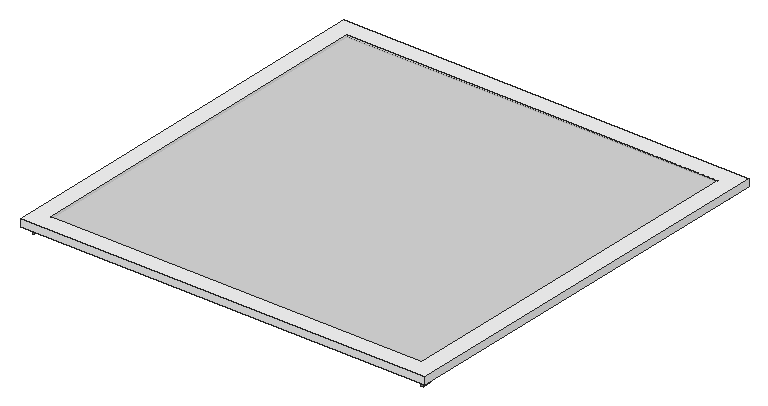
Revit family "0047644 Feilo Sylvania Lighting Fixtures START FLAT HE 600 3000K G2", category Lighting Fixtures, host Face, Revit 2017
Family settings
  Host = Face
  Round Connector Dimension = Use Diameter
  Part Type = Normal
  OmniClass Number = 23.80.70.11.17
  OmniClass Title = Specialized Lighting by Location or Use
  Cut with Voids When Loaded = No
  Light Source = Yes
  Shared = No
  Room Calculation Point = No
Parameters (values of type "0047644 START FLAT HE 600 3000K G2")
  Weight = "12.25 kg"
  Wattage = 36 W
  WarrantyStartDate [instance] = "n/a"
  WarrantyGuarantorParts = "n/a"
  WarrantyDurationUnit = "n/a"
  WarrantyDurationParts = "n/a"
  WarrantyDescription = "n/a"
  built-in parameter 1150110 = 1 (stored number, unit not read)
  Voltage = 230 V
  URL = "http://www.sylvania-lighting.com"
  TypeName = "START FLAT HE 600 3000K G2"
  built-in parameter 1114217 = 1 (stored number, unit not read)
  Tilt Angle = -90.00°
  built-in parameter 1150109 = 1 (stored number, unit not read)
  built-in parameter 1150134 = (empty or 0)
  built-in parameter 1150113 = 1 (stored number, unit not read)
  SerialNumber [instance] = "n/a"
  PowerFactor = 0.9
  PowerConsumption = "36 W"
  Photometric Web File = "0047644.ies"
  NominalWidth = 0.0 mm
  NominalLength = 595.0 mm
  NominalHeight = 10.5 mm
  Name = "START FLAT HE 600 3000K G2"
  ModelReference = "START FLAT HE 600 3000K G2"
  ModelNumber = "0047644"
  Material = "aluminium housing, pmma diffuser"
  ManufacturerName = "Feilo Sylvania"
  LuminousEfficacy = "120 lm/W"
  LuminaireType = ""
  LightOutputRatio = "n/a"
  LampsType = Lamp  # "Integrated LED"
  LampNominalLuminous = "4000 lm"
  LampMacAdamStep = "3"
  LampColourTemperature = "3000 K"
  LampColourRenderingIndex = "80"
  Keynote = "16500"
  InstallationDate [instance] = "n/a"
  InputVoltage = "220-240V~"
  InputNominalFrequency = "50/60 Hz"
  IngressProtection = "IP20"
  ImpactProtectionIndex = "IK03"
  IfcExportType = "IfcLightFixtureType"
  IfcExportAs = "IfcLightFixtureType"
  ExpectedLife = 50000
  ElectricShockClassification = "Class II"
  DurationUnit = "hours"
  DocumentationLiterature = "http://www.sylvania-lighting.com/product/en-int/products/0047644"
  DimmingControlOptions = "n/a"
  DiffuserMaterial = Polycarbonate_Sylvania_Startflat Panel LED_Opal
  Cutout Width = 574.0 mm
  Cutout Length = 574.0 mm
  CreatedOn = "11/30/2017"
  CreatedBy = ""
  built-in parameter 1114216 [instance] = 1 (stored number, unit not read)
  Model = "START FLAT HE 600 3000K G2"
  Manufacturer = "Feilo-Sylvania Group"
  built-in parameter 1150105 = 343.77 (stored number, unit not read)
  Lumens = 4320 lm
  built-in parameter 1150115 = 1 (stored number, unit not read)
  built-in parameter 1150137 = (empty or 0)
  built-in parameter 1150139 = (empty or 0)
  built-in parameter 1150112 = 1 (stored number, unit not read)
  built-in parameter 1150114 = 1 (stored number, unit not read)
  Lamp = "Integrated LED"  # constant formula
  built-in parameter 1150132 = 2
  built-in parameter 1150102 = (empty or 0)
  built-in parameter 1150107 = 3000 (stored number, unit not read)
  built-in parameter 1150138 = (empty or 0)
  built-in parameter 1150106 = 3.4377 (stored number, unit not read)
  BodyMaterial = Metal_Sylvania_Startflat Panel LED_White
  Emit from Rectangle Width = 545.0 mm
  Emit from Rectangle Length = 545.0 mm
  Emit Shape Visible in Rendering = no
  built-in parameter 1150104 = 11.148 (stored number, unit not read)
  Dimming Lamp Color Temperature Shift = <None>
  Description = "Ultra thin LED Panel, excellent uniformity of light, perfect for ceilings with low voids, high efficacy.Ulta thin edgelit LED 600x600mm Panel with, excellent uniform light distribution. Acrylic PMMA diffuser optimising light output whilst reducing glare. 4239lm 93lm/W."  # constant formula
  Default Elevation = 0.0 mm
  Color Filter = 16777215
  built-in parameter 1140040 [instance] = 1
  BarCode [instance] = "n/a"
  built-in parameter 1114218 = 1 (stored number, unit not read)
  built-in parameter 1150133 = 10 (stored number, unit not read)
  AssetType = "Fixed"
  AssetIdentifier [instance] = "n/a"
  Assembly Code = "D5020200"
  Apparent Load = 36 VA
  MountingMaterial = Metal_Sylvania_Startflat Panel LED_Silver
Reference planes
  plane 1 "Center (Front/Back)": y = 0
  plane 2 "Fixture Top": z = 0
  plane 3 "Center (Left/Right)": x = 0
  plane 4: x = 295.5
  plane 5: x = -295.5
  plane 6 "Fixture Back": y = 297.5
  plane 7 "Fixture Front": y = -297.5
  plane 8 "Fixture Left": x = -297.5
  plane 9 "Fixture Right": x = 297.5
  plane 10: y = 295.5
  plane 11: y = -295.5
  plane 12: x = 272.5
  plane 13: x = -272.5
  plane 14: y = 272.5
  plane 15: y = -272.5
  plane 16: x = -287
  plane 17: x = 287
  plane 18: y = 287
  plane 19: y = -287
  plane 20 "Fixture Bottom": z = 10.5
  plane 21: z = 8.5
  plane 22: z = 6.5
  plane 23: z = -10
  plane 24: z = 2
Forms (mm)
  Extrusion 1, void
    sketch origin (0, 0, 60) x (-1, 0, 0) y (0, -1, 0)
      loop
        line (287, -287) -> (287, 287) -> (-287, 287) -> (-287, -287) -> (287, -287)
    from -70 to -60
  Extrusion 2, solid, material "Metal_Sylvania_Startflat Panel LED_White" <- "BodyMaterial", detail levels fine
    sketch origin (0, 0, 60) x (-1, 0, 0) y (0, -1, 0)
      loop
        line (297.5, -297.5) -> (297.5, 297.5) -> (-297.5, 297.5) -> (-297.5, -297.5) -> (297.5, -297.5)
      loop
        line (272.5, -272.5) -> (272.5, 272.5) -> (-272.5, 272.5) -> (-272.5, -272.5) -> (272.5, -272.5)
    from -51.5 to -49.5
  Extrusion 3, solid, material "Metal_Sylvania_Startflat Panel LED_White" <- "BodyMaterial", detail levels fine
    sketch origin (0, 0, 60) x (-1, 0, 0) y (0, -1, 0)
      loop
        line (297.5, -297.5) -> (297.5, 297.5) -> (-297.5, 297.5) -> (-297.5, -297.5) -> (297.5, -297.5)
      loop
        line (295.5, -295.5) -> (295.5, 295.5) -> (-295.5, 295.5) -> (-295.5, -295.5) -> (295.5, -295.5)
    from -60 to -51.5
  Extrusion 4, solid, material "Polycarbonate_Sylvania_Startflat Panel LED_Opal" <- "DiffuserMaterial", detail levels fine
    sketch origin (0, 0, 60) x (-1, 0, 0) y (0, -1, 0)
      loop
        line (295.5, -295.5) -> (295.5, 295.5) -> (-295.5, 295.5) -> (-295.5, -295.5) -> (295.5, -295.5)
    from -53.5 to -51.5
  Extrusion 5, solid, material "Metal_Sylvania_Startflat Panel LED_Silver" <- "MountingMaterial", detail levels fine
    sketch origin (0, 0, 60) x (-1, 0, 0) y (0, -1, 0)
      loop
        line (287, -287) -> (287, -272.5) -> (284, -272.5) -> (284, -287) -> (287, -287)
      loop
        line (-284, -287) -> (-284, -272.5) -> (-287, -272.5) -> (-287, -287) -> (-284, -287)
      loop
        line (-284, 272.5) -> (-284, 287) -> (-287, 287) -> (-287, 272.5) -> (-284, 272.5)
      loop
        line (284, 272.5) -> (287, 272.5) -> (287, 287) -> (284, 287) -> (284, 272.5)
    from -70 to -60
  Extrusion 6, solid, material "Metal_Sylvania_Startflat Panel LED_White" <- "BodyMaterial", detail levels fine
    sketch origin (0, 0, 60) x (-1, 0, 0) y (0, -1, 0)
      loop
        line (297.5, -297.5) -> (297.5, 297.5) -> (-297.5, 297.5) -> (-297.5, -297.5) -> (297.5, -297.5)
    from -60 to -58
  Extrusion 7, solid, material "Metal_Sylvania_Startflat Panel LED_White" <- "BodyMaterial", detail levels coarse+medium
    sketch origin (0, 0, 60) x (-1, 0, 0) y (0, -1, 0)
      loop
        line (297.5, -297.5) -> (297.5, 297.5) -> (-297.5, 297.5) -> (-297.5, -297.5) -> (297.5, -297.5)
    from -60 to -49.5
Cuts and joins
  joined: Extrusion 2, Extrusion 3, Extrusion 6
Dimensions and locks
  equal spacing: plane 6 "Fixture Back", plane 1 "Center (Front/Back)", plane 7 "Fixture Front"
  locked: plane 6 "Fixture Back" to plane 7 "Fixture Front" at 595
  equal spacing: plane 8 "Fixture Left", plane 3 "Center (Left/Right)", plane 9 "Fixture Right"
  locked: plane 8 "Fixture Left" to plane 9 "Fixture Right" at 595
  locked: plane 8 "Fixture Left" to plane 5 at 2
  locked: plane 4 to plane 9 "Fixture Right" at 2
  locked: plane 6 "Fixture Back" to plane 10 at 2
  locked: plane 11 to plane 7 "Fixture Front" at 2
  locked: plane 12 to plane 9 "Fixture Right" at 25
  locked: plane 8 "Fixture Left" to plane 13 at 25
  locked: plane 6 "Fixture Back" to plane 14 at 25
  locked: plane 15 to plane 7 "Fixture Front" at 25
  equal spacing: plane 16, plane 3 "Center (Left/Right)", plane 17
  "Cutout Length": plane 16 to plane 17
  equal spacing: plane 18, plane 1 "Center (Front/Back)", plane 19
  "Cutout Width": plane 18 to plane 19
  locked: plane 20 "Fixture Bottom" to plane 2 "Fixture Top" at 10.5
  plane 20 "Fixture Bottom" to plane 21 to plane 22 = 2.0 mm locked, 2.0 mm locked
  locked: plane 2 "Fixture Top" to plane 23 at 10
  locked: plane 16 to Extrusion 5 sketch curve at 3
  locked: Extrusion 5 sketch curve to plane 17 at 3
  locked: plane 24 to plane 2 "Fixture Top" at 2
  aligned and locked: level to host face
  aligned and locked: imposter light to plane 1 "Center (Front/Back)"
  aligned and locked: plane 2 "Fixture Top" to Extrusion 1
  aligned and locked: Extrusion 2 sketch curve to plane 6 "Fixture Back"
  aligned and locked: plane 8 "Fixture Left" to Extrusion 2 sketch curve
  aligned and locked: plane 7 "Fixture Front" to Extrusion 2 sketch curve
  aligned and locked: Extrusion 2 sketch curve to plane 9 "Fixture Right"
  aligned and locked: Extrusion 2 sketch curve to plane 14
  aligned and locked: plane 13 to Extrusion 2 sketch curve
  aligned and locked: plane 15 to Extrusion 2 sketch curve
  aligned and locked: Extrusion 2 sketch curve to plane 12
  aligned and locked: Extrusion 3 sketch curve to Extrusion 2  (x4)
  aligned and locked: Extrusion 3 sketch curve to plane 10
  aligned and locked: plane 5 to Extrusion 3 sketch curve
  aligned and locked: plane 11 to Extrusion 3 sketch curve
  aligned and locked: Extrusion 3 sketch curve to plane 4
  aligned and locked: Extrusion 4 sketch curve to cut or joined group of Extrusion 2, Extrusion 3, Extrusion 6  (x4)
  aligned and locked: plane 16 to Extrusion 1 sketch curve
  aligned and locked: Extrusion 1 sketch curve to plane 17
  aligned and locked: Extrusion 1 sketch curve to plane 18
  aligned and locked: plane 19 to Extrusion 1 sketch curve
  aligned and locked: plane 20 "Fixture Bottom" to cut or joined group of Extrusion 2, Extrusion 3, Extrusion 6
  aligned and locked: cut or joined group of Extrusion 2, Extrusion 3, Extrusion 6 to plane 21
  aligned and locked: plane 21 to cut or joined group of Extrusion 2, Extrusion 3, Extrusion 6
  aligned and locked: cut or joined group of Extrusion 2, Extrusion 3, Extrusion 6 to plane 2 "Fixture Top"
  aligned and locked: plane 21 to Extrusion 4
  aligned and locked: Extrusion 4 to plane 22
  aligned and locked: level to plane 2 "Fixture Top"
  aligned and locked: plane 3 "Center (Left/Right)" to imposter light
  aligned and locked: plane 20 "Fixture Bottom" to imposter light
  aligned and locked: Extrusion 5 sketch curve to plane 18  (x2)
  aligned and locked: plane 16 to Extrusion 5 sketch curve
  aligned and locked: cut or joined group of Extrusion 2, Extrusion 3, Extrusion 6 to Extrusion 5 sketch curve  (x3)
  aligned and locked: plane 14 to Extrusion 5 sketch curve
  aligned and locked: Extrusion 5 sketch curve to plane 17  (x2)
  aligned and locked: plane 19 to Extrusion 5 sketch curve
  aligned and locked: Extrusion 5 sketch curve to plane 19
  aligned and locked: Extrusion 5 sketch curve to plane 16
  aligned and locked: Extrusion 5 to plane 23
  aligned and locked: Extrusion 5 sketch curve to Extrusion 5 sketch curve  (x2)
  aligned and locked: Extrusion 6 sketch curve to cut or joined group of Extrusion 2, Extrusion 3, Extrusion 6  (x4)
  aligned and locked: Extrusion 6 to plane 2 "Fixture Top"
  aligned and locked: plane 24 to Extrusion 6
  aligned and locked: plane 2 "Fixture Top" to Extrusion 5
  aligned and locked: Extrusion 7 sketch curve to cut or joined group of Extrusion 2, Extrusion 3, Extrusion 6  (x4)
  aligned and locked: Extrusion 7 to plane 2 "Fixture Top"
  aligned and locked: plane 20 "Fixture Bottom" to Extrusion 7
  aligned and locked: Extrusion 1 to Extrusion 5
Automatic sketch dimensions
  host sketch curve to host sketch curve = 1461.012 mm
  host sketch curve to host sketch curve = 1283.632 mm
Connectors
  electrical at (0, 0, 0), driven by "Apparent Load"
    settings: on cut or joined group of Extrusion 2, Extrusion 3, Extrusion 6, index 1, voltage 230 V, apparent load 0 VA, apparent load phase1 36 VA, apparent load phase2 0 VA, apparent load phase3 0 VA, power factor 1, load classification "Lighting", number of poles 1, system type 31, power factor state 1, is connector primary yes, connector utility no, sub classification motor no, connector description ""
